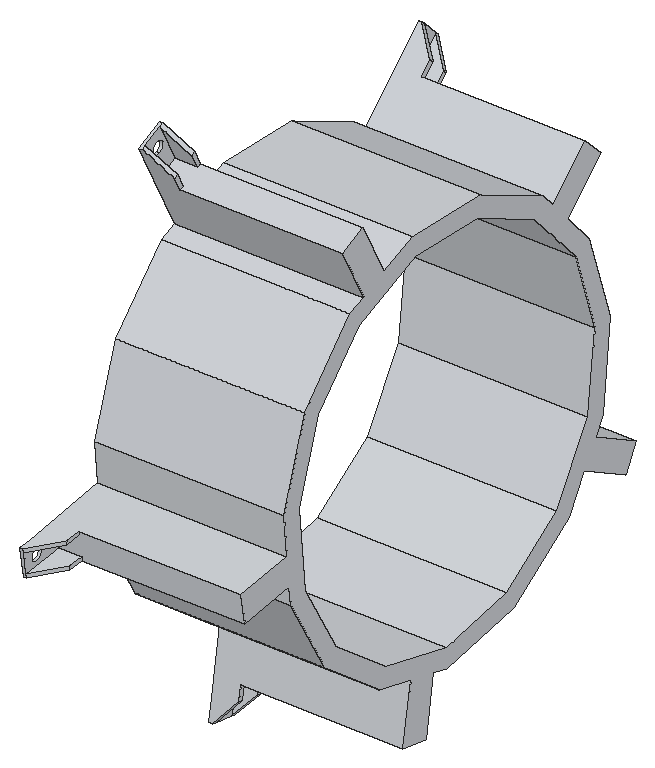
Revit family "LP200R", category Pipe Accessories, Revit 2021
Family settings
  Round Connector Dimension = Use Diameter
  Part Type = Breaks Into
  Work Plane-Based = No
  Always vertical = No
  Cut with Voids When Loaded = No
  Shared = No
Parameters
  URL = "https://www.snapcollars.com.au/"
  Model = "LP200R"
  Manufacturer = "Snap Fire Systems"
  Description = "The LP200R is a metal, retro-fit fire collar suitable for concrete floor slabs."
  Default Elevation = 0 mm
Reference planes
  plane 1 "Center (Front/Back)": y = 0
  plane 2: z = 0
  plane 3 "Center (Left/Right)": x = -139.129
  plane 4: x = -230
  plane 5: x = -208.636
  plane 6: x = -210
Forms (mm)
  Extrusion 1, solid, material "PVC-White", not visible, detail levels fine
    sketch origin (0, 0, 0) x (1, 0, 0) y (0, 0, 1)
      loop
        line (-80, 60.418) -> (-227.967, 86.048) -> (-227.967, 69.12) -> (-80, 60.418)
    from -1.5 to 1.5
  Extrusion 2, solid, material "PVC-White", not visible, detail levels fine
    sketch origin (0, 0, 0) x (1, 0, 0) y (0, -0.5, 0.866025)
      loop
        line (-80, 60.418) -> (-227.967, 86.048) -> (-227.967, 69.12) -> (-80, 60.418)
    from -1.5 to 1.5
  Extrusion 3, solid, material "PVC-White", not visible, detail levels fine
    sketch origin (0, 0, 0) x (1, 0, 0) y (0, -0.866025, 0.5)
      loop
        line (-80, 60.418) -> (-227.967, 86.048) -> (-227.967, 69.12) -> (-80, 60.418)
    from -1.5 to 1.5
  Extrusion 4, solid, material "PVC-White", not visible, detail levels fine
    sketch origin (0, 0, 0) x (0, -1, 0) y (-1, 0, 0)
      loop
        line (60.418, 80) -> (86.048, 227.967) -> (69.12, 227.967) -> (60.418, 80)
    from -1.5 to 1.5
  Extrusion 5, solid, material "PVC-White", not visible, detail levels fine
    sketch origin (0, 0, 0) x (1, 0, 0) y (0, -0.866025, -0.5)
      loop
        line (-80, 60.418) -> (-227.967, 86.048) -> (-227.967, 69.12) -> (-80, 60.418)
    from -1.5 to 1.5
  Extrusion 6, solid, material "PVC-White", not visible, detail levels fine
    sketch origin (0, 0, 0) x (1, 0, 0) y (0, -0.5, -0.866025)
      loop
        line (-80, 60.418) -> (-227.967, 86.048) -> (-227.967, 69.12) -> (-80, 60.418)
    from -1.5 to 1.5
  Extrusion 7, solid, material "PVC-White", not visible, detail levels fine
    sketch origin (0, 0, 0) x (1, 0, 0) y (0, 0, -1)
      loop
        line (-80, 60.418) -> (-227.967, 86.048) -> (-227.967, 69.12) -> (-80, 60.418)
    from -1.5 to 1.5
  Extrusion 8, solid, material "PVC-White", not visible, detail levels fine
    sketch origin (0, 0, 0) x (1, 0, 0) y (0, 0.5, -0.866025)
      loop
        line (-80, 60.418) -> (-227.967, 86.048) -> (-227.967, 69.12) -> (-80, 60.418)
    from -1.5 to 1.5
  Extrusion 9, solid, material "PVC-White", not visible, detail levels fine
    sketch origin (0, 0, 0) x (1, 0, 0) y (0, 0.866025, -0.5)
      loop
        line (-80, 60.418) -> (-227.967, 86.048) -> (-227.967, 69.12) -> (-80, 60.418)
    from -1.5 to 1.5
  Extrusion 10, solid, material "PVC-White", not visible, detail levels fine
    sketch origin (0, 0, 0) x (1, 0, 0) y (0, 1, 0)
      loop
        line (-80, 60.418) -> (-227.967, 86.048) -> (-227.967, 69.12) -> (-80, 60.418)
    from -1.5 to 1.5
  Extrusion 11, solid, material "PVC-White", not visible, detail levels fine
    sketch origin (0, 0, 0) x (1, 0, 0) y (0, 0.866025, 0.5)
      loop
        line (-80, 60.418) -> (-227.967, 86.048) -> (-227.967, 69.12) -> (-80, 60.418)
    from -1.5 to 1.5
  Extrusion 12, solid, material "PVC-White", not visible, detail levels fine
    sketch origin (0, 0, 0) x (1, 0, 0) y (0, 0.5, 0.866025)
      loop
        line (-80, 60.418) -> (-227.967, 86.048) -> (-227.967, 69.12) -> (-80, 60.418)
    from -1.5 to 1.5
  Extrusion 13, solid
    sketch origin (-230, 2000, 1200) x (0, 1, 0) y (0, 0, 1)
      loop
        line (-2023.944, -1087.352) -> (-2067.692, -1106.83) -> (-2099.735, -1142.418) -> (-2114.533, -1187.962) -> (-2109.528, -1235.588) -> (-2085.584, -1277.06) -> (-2046.841, -1305.208) -> (-2000, -1315.164) -> (-1953.159, -1305.208) -> (-1914.416, -1277.06) -> (-1890.472, -1235.588) -> (-1885.467, -1187.962) -> (-1900.265, -1142.418) -> (-1932.308, -1106.83) -> (-1976.056, -1087.352) -> (-2023.944, -1087.352)
      loop
        line (-2026.4, -1075.797) -> (-2074.636, -1097.273) -> (-2109.966, -1136.511) -> (-2126.282, -1186.727) -> (-2120.763, -1239.238) -> (-2094.363, -1284.965) -> (-2051.646, -1316) -> (-2000, -1326.978) -> (-1948.354, -1316) -> (-1905.637, -1284.965) -> (-1879.237, -1239.238) -> (-1873.718, -1186.727) -> (-1890.034, -1136.511) -> (-1925.364, -1097.273) -> (-1973.6, -1075.797) -> (-2026.4, -1075.797)
    from 0 to 117
  Extrusion 14, solid, not visible
    sketch origin (-230, 23.225, 34.758) x (0, -0.92388, 0.382683) y (1, 0, 0)
      loop
        line (16.311, 91) -> (0, 91) -> (0, 65) -> (16.311, 65) -> (16.311, 91)
    from 0 to 3
  Extrusion 15, solid, not visible
    sketch origin (-230, 24.373, 37.53) x (0, -0.92388, 0.382683) y (1, 0, 0)
      loop
        line (16.311, 91) -> (0, 91) -> (0, 88) -> (16.311, 88) -> (16.311, 91)
    from 0 to 21
  Extrusion 16, solid, not visible
    sketch origin (-230, 29.556, 29.418) x (0, -0.828512, 0.559971) y (1, 0, 0)
      loop
        line (16.311, 91) -> (0, 91) -> (0, 65) -> (16.311, 65) -> (16.311, 91)
    from 0 to 3
  Extrusion 17, solid, not visible
    sketch origin (-230, 31.236, 31.904) x (0, -0.828512, 0.559971) y (1, 0, 0)
      loop
        line (16.311, 91) -> (0, 91) -> (0, 88) -> (16.311, 88) -> (16.311, 91)
    from 0 to 21
  Extrusion 18, solid, not visible
    sketch origin (-230, -15.852, 38.571) x (0, -0.83464, -0.550797) y (1, 0, 0)
      loop
        line (16.311, 91) -> (0, 91) -> (0, 65) -> (16.311, 65) -> (16.311, 91)
    from 0 to 3
  Extrusion 19, solid, not visible
    sketch origin (-230, -17.504, 41.075) x (0, -0.83464, -0.550797) y (1, 0, 0)
      loop
        line (16.311, 91) -> (0, 91) -> (0, 88) -> (16.311, 88) -> (16.311, 91)
    from 0 to 21
  Extrusion 20, solid, not visible
    sketch origin (-230, 29.261, -29.712) x (0, 0.564361, 0.825528) y (1, 0, 0)
      loop
        line (16.311, 91) -> (0, 91) -> (0, 65) -> (16.311, 65) -> (16.311, 91)
    from 0 to 3
  Extrusion 21, solid, not visible
    sketch origin (-230, 31.738, -31.405) x (0, 0.564361, 0.825528) y (1, 0, 0)
      loop
        line (16.311, 91) -> (0, 91) -> (0, 88) -> (16.311, 88) -> (16.311, 91)
    from 0 to 21
  Extrusion 22, solid, not visible
    sketch origin (-230, -38.657, -15.64) x (0, 0.54621, -0.837649) y (1, 0, 0)
      loop
        line (16.311, 91) -> (0, 91) -> (0, 65) -> (16.311, 65) -> (16.311, 91)
    from 0 to 3
  Extrusion 23, solid, not visible
    sketch origin (-230, -41.17, -17.279) x (0, 0.54621, -0.837649) y (1, 0, 0)
      loop
        line (16.311, 91) -> (0, 91) -> (0, 88) -> (16.311, 88) -> (16.311, 91)
    from 0 to 21
  Extrusion 24, solid
    sketch origin (0, 69.92, 69.92) x (1, 0, 0) y (0, 0.707107, 0.707107)
      loop
        line (-213.793, 17.886) -> (-213.793, 70.117) -> (-228.024, 86.118) -> (-230, 86.118) -> (-230, 78) -> (-230, 17.886) -> (-213.793, 17.886)
    from -8.715 to 8.715
  Extrusion 25, void
    sketch origin (-228.024, 134.248, 134.248) x (0, -0.707107, -0.707107) y (0, 0.707107, -0.707107)
      loop
        circle (14, 0) r 4
    from -10.829 to 2.558
  Extrusion 26, solid, not visible
    sketch origin (0, 0, 41.882) x (1, 0, 0) y (0, 0, 1)
      loop
        line (-201.343, 54.118) -> (-201.343, 56.118) -> (-228.024, 56.118) -> (-228.024, 86.118) -> (-230, 86.118) -> (-230, 78) -> (-230, 54.118) -> (-201.343, 54.118)
    from -8 to 8
  Extrusion 27, void, not visible
    sketch origin (-228.024, 0, 132.882) x (0, 0, -1) y (0, 1, 0)
      loop
        circle (14, 0) r 4
    from -10.829 to 2.558
  Extrusion 28, solid
    sketch origin (0, 63.47, 63.47) x (1, 0, 0) y (0, 0.707107, 0.707107)
      loop
        line (-113, 32.144) -> (-113, 70) -> (-230, 70) -> (-230, 32.144) -> (-113, 32.144)
    from -8.715 to 8.715
  Extrusion 29, solid, not visible
    sketch origin (0, 46.803, 60.995) x (1, 0, 0) y (0, 0.608761, 0.793353)
      loop
        line (-201.343, 54.118) -> (-201.343, 56.118) -> (-228.024, 56.118) -> (-228.024, 86.118) -> (-230, 86.118) -> (-230, 78) -> (-230, 54.118) -> (-201.343, 54.118)
    from -8 to 8
  Extrusion 30, solid, not visible
    sketch origin (0, 37.134, 48.395) x (1, 0, 0) y (0, 0.608761, 0.793353)
      loop
        line (-168, 41) -> (-168, 70) -> (-230, 70) -> (-230, 41) -> (-168, 41)
    from -8.715 to 8.715
  Extrusion 31, solid, not visible
    sketch origin (0, 69.92, 69.92) x (1, 0, 0) y (0, 0.707107, 0.707107)
      loop
        line (-213.793, 17.886) -> (-213.793, 70.117) -> (-228.024, 86.118) -> (-230, 86.118) -> (-230, 78) -> (-230, 17.886) -> (-213.793, 17.886)
    from -8.715 to 8.715
  Extrusion 32, void, not visible
    sketch origin (-228.024, 134.248, 134.248) x (0, -0.707107, -0.707107) y (0, 0.707107, -0.707107)
      loop
        circle (14, 0) r 4
    from -10.829 to 2.558
  Extrusion 33, solid, not visible
    sketch origin (0, 63.47, 63.47) x (1, 0, 0) y (0, 0.707107, 0.707107)
      loop
        line (-113, 32.144) -> (-113, 70) -> (-230, 70) -> (-230, 32.144) -> (-113, 32.144)
    from -8.715 to 8.715
  Extrusion 34, solid
    sketch origin (0, -44.892, 88.105) x (1, 0, 0) y (0, -0.45399, 0.891007)
      loop
        line (-213.793, 17.886) -> (-213.793, 70.117) -> (-228.024, 86.118) -> (-230, 86.118) -> (-230, 78) -> (-230, 17.886) -> (-213.793, 17.886)
    from -8.715 to 8.715
  Extrusion 35, void
    sketch origin (-228.024, -86.193, 169.162) x (0, 0.45399, -0.891007) y (0, 0.891007, 0.45399)
      loop
        circle (14, 0) r 4
    from -10.829 to 2.558
  Extrusion 36, solid
    sketch origin (0, -40.75, 79.977) x (1, 0, 0) y (0, -0.45399, 0.891007)
      loop
        line (-113, 32.144) -> (-113, 70) -> (-230, 70) -> (-230, 32.144) -> (-113, 32.144)
    from -8.715 to 8.715
  Extrusion 37, solid
    sketch origin (0, -97.665, -15.469) x (1, 0, 0) y (0, -0.987688, -0.156434)
      loop
        line (-213.793, 17.886) -> (-213.793, 70.117) -> (-228.024, 86.118) -> (-230, 86.118) -> (-230, 78) -> (-230, 17.886) -> (-213.793, 17.886)
    from -8.715 to 8.715
  Extrusion 38, void
    sketch origin (-228.024, -187.518, -29.7) x (0, 0.987688, 0.156434) y (0, -0.156434, 0.987688)
      loop
        circle (14, 0) r 4
    from -10.829 to 2.558
  Extrusion 39, solid
    sketch origin (0, -88.655, -14.042) x (1, 0, 0) y (0, -0.987688, -0.156434)
      loop
        line (-113, 32.144) -> (-113, 70) -> (-230, 70) -> (-230, 32.144) -> (-113, 32.144)
    from -8.715 to 8.715
  Extrusion 40, solid
    sketch origin (0, -15.469, -97.665) x (1, 0, 0) y (0, -0.156434, -0.987688)
      loop
        line (-213.793, 17.886) -> (-213.793, 70.117) -> (-228.024, 86.118) -> (-230, 86.118) -> (-230, 78) -> (-230, 17.886) -> (-213.793, 17.886)
    from -8.715 to 8.715
  Extrusion 41, void
    sketch origin (-228.024, -29.7, -187.518) x (0, 0.156434, 0.987688) y (0, -0.987688, 0.156434)
      loop
        circle (14, 0) r 4
    from -10.829 to 2.558
  Extrusion 42, solid
    sketch origin (0, -14.042, -88.655) x (1, 0, 0) y (0, -0.156434, -0.987688)
      loop
        line (-113, 32.144) -> (-113, 70) -> (-230, 70) -> (-230, 32.144) -> (-113, 32.144)
    from -8.715 to 8.715
  Extrusion 43, solid
    sketch origin (0, 88.105, -44.892) x (1, 0, 0) y (0, 0.891007, -0.45399)
      loop
        line (-213.793, 17.886) -> (-213.793, 70.117) -> (-228.024, 86.118) -> (-230, 86.118) -> (-230, 78) -> (-230, 17.886) -> (-213.793, 17.886)
    from -8.715 to 8.715
  Extrusion 44, void
    sketch origin (-228.024, 169.162, -86.193) x (0, -0.891007, 0.45399) y (0, -0.45399, -0.891007)
      loop
        circle (14, 0) r 4
    from -10.829 to 2.558
  Extrusion 45, solid
    sketch origin (0, 79.977, -40.75) x (1, 0, 0) y (0, 0.891007, -0.45399)
      loop
        line (-113, 32.144) -> (-113, 70) -> (-230, 70) -> (-230, 32.144) -> (-113, 32.144)
    from -8.715 to 8.715
  Extrusion 46, void
    sketch origin (-230, 112.967, 112.967) x (-1, 0, 0) y (0, 0.707107, -0.707107)
      loop
        line (-39.858, -6.312) -> (-1.967, -6.312) -> (-1.967, 6.48) -> (-39.858, 6.48) -> (-39.858, -6.312)
    from -51.258 to 0
  Extrusion 47, void, not visible
    sketch origin (-230, 112.967, 112.967) x (-1, 0, 0) y (0, 0.707107, -0.707107)
      loop
        line (-39.858, -6.312) -> (-1.967, -6.312) -> (-1.967, 6.48) -> (-39.858, 6.48) -> (-39.858, -6.312)
    from -51.258 to 0
  Extrusion 48, void
    sketch origin (-230, -72.529, 142.347) x (-1, 0, 0) y (0, 0.891007, 0.45399)
      loop
        line (-39.858, -6.312) -> (-1.967, -6.312) -> (-1.967, 6.48) -> (-39.858, 6.48) -> (-39.858, -6.312)
    from -51.258 to 0
  Extrusion 49, void
    sketch origin (-230, -157.793, -24.992) x (-1, 0, 0) y (0, -0.156434, 0.987688)
      loop
        line (-39.858, -6.312) -> (-1.967, -6.312) -> (-1.967, 6.48) -> (-39.858, 6.48) -> (-39.858, -6.312)
    from -51.258 to 0
  Extrusion 50, void
    sketch origin (-230, -24.992, -157.793) x (-1, 0, 0) y (0, -0.987688, 0.156434)
      loop
        line (-39.858, -6.312) -> (-1.967, -6.312) -> (-1.967, 6.48) -> (-39.858, 6.48) -> (-39.858, -6.312)
    from -51.258 to 0
  Extrusion 51, void
    sketch origin (-230, 142.347, -72.529) x (-1, 0, 0) y (0, -0.45399, -0.891007)
      loop
        line (-39.858, -6.312) -> (-1.967, -6.312) -> (-1.967, 6.48) -> (-39.858, 6.48) -> (-39.858, -6.312)
    from -51.258 to 0
Cuts and joins
  Extrusion 46 cuts Extrusion 13
  Extrusion 25, Extrusion 35, Extrusion 46 cuts Extrusion 24
  Extrusion 46 cuts Extrusion 28
  Extrusion 35, Extrusion 48 cuts Extrusion 34
  Extrusion 48 cuts Extrusion 36
  Extrusion 38, Extrusion 49 cuts Extrusion 37
  Extrusion 49 cuts Extrusion 39
  Extrusion 41, Extrusion 50 cuts Extrusion 40
  Extrusion 50 cuts Extrusion 42
  Extrusion 44, Extrusion 51 cuts Extrusion 43
  Extrusion 51 cuts Extrusion 45
  joined: Extrusion 13, Extrusion 24, Extrusion 28, Extrusion 34, Extrusion 36, Extrusion 37, Extrusion 39, Extrusion 40, Extrusion 42, Extrusion 43, Extrusion 45
Lines and regions (mm)
  model lines
    curve 1: circle (-230, 0, 0) r 185 normal (1, 0, 0)
    curve 2: circle (-230, 0, 0) r 175 normal (1, 0, 0)
Dimensions and locks
  locked: plane 4 to plane 3 "Center (Left/Right)" at 90.871
  Extrusion 1 sketch curve to Extrusion 1 sketch curve = 0 mm
  Extrusion 2 sketch curve to Extrusion 2 sketch curve = 0 mm
  Extrusion 3 sketch curve to Extrusion 3 sketch curve = 0 mm
  Extrusion 4 sketch curve to Extrusion 4 sketch curve = 0 mm
  Extrusion 5 sketch curve to Extrusion 5 sketch curve = 0 mm
  Extrusion 6 sketch curve to Extrusion 6 sketch curve = 0 mm
  Extrusion 7 sketch curve to Extrusion 7 sketch curve = 0 mm
  Extrusion 8 sketch curve to Extrusion 8 sketch curve = 0 mm
  Extrusion 9 sketch curve to Extrusion 9 sketch curve = 0 mm
  Extrusion 10 sketch curve to Extrusion 10 sketch curve = 0 mm
  Extrusion 11 sketch curve to Extrusion 11 sketch curve = 0 mm
  Extrusion 12 sketch curve to Extrusion 12 sketch curve = 0 mm
  aligned and locked: level to plane 2
Connectors
  piping at (-210, 0, 0), diameter 225
    settings: on plane 6, index 4, connector inside diameter 609.6 mm, connector length 0 mm, flow factor 0, pipe flow 0.0 L/s, pressure drop 0.0 Pa, fitting loss kfactor 0, connector angle 0.00°, fixture units 0, engagement length 0 mm, angle of deflection 0.00°, flow configuration 0, flow direction 0, fitting loss method 0, system type 7, joint type 0, gender type 0, connector reference index -1, connector utility 0, adjustable connector no, is connector primary yes, connector description ""
  piping at (-208.636, 0, 0), diameter 225
    settings: on plane 5, index 5, connector inside diameter 609.6 mm, connector length 0 mm, flow factor 0, pipe flow 0.0 L/s, pressure drop 0.0 Pa, fitting loss kfactor 0, connector angle 0.00°, fixture units 0, engagement length 0 mm, angle of deflection 0.00°, flow configuration 0, flow direction 0, fitting loss method 0, system type 7, joint type 0, gender type 0, connector reference index -1, connector utility 0, adjustable connector no, is connector primary no, connector description ""
